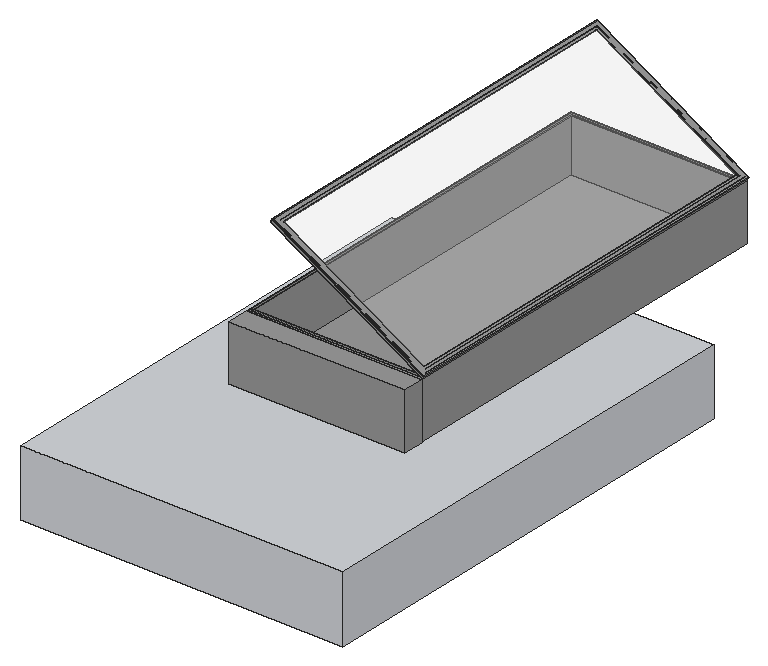
Revit family "Hager-Univers-IP55-D275-H1950-Cl.I-Steel_encl-CH-en", category Equipement électrique, Revit 2020
Family settings
  Hôte = Face
  Configuration du panneau = Deux colonnes, circuits au sein
  Cote de connecteur circulaire = Utiliser le diamètre
  Type d'élément = Tableau de raccordement
  Couper avec des vides une fois chargée = Non
  Partagée = Non
  Point de calcul de pièce = Non
Parameters (values of type "Floor installation IP55 W800 H1950 D275  - FR23K1")
  Width Control [instance] = if([EF000008 - Width] > Min Width, [EF000008 - Width], Min Width)  # 800 mm
  Commentaires du type = [HG000003 - Range]  # "Univers"
  Thickness Door [instance] = if([EF009171 - Material plate thickness door/cover] > 3 mm, 3 mm, [EF009171 - Material plate thickness door/cover])  # 1.5 mm
  Seal Frame Offset [instance] = 17 mm  # constant formula
  Plinth Visibility [instance] = [HG000027 - Plinth height] > 0 mm  # yes
  Model = ""
  Min Width [instance] = 100 mm  # constant formula
  Min Height [instance] = 100 mm  # constant formula
  Min Depth [instance] = (2 * [EF009170 - Material plate thickness cabinet]) + 1 mm  # 4 mm
  Internal Frame Depth [instance] = (Door System Depth * 0.5)  # 9 mm
  Height Control [instance] = if([EF000040 - Height] > Min Height, [EF000040 - Height], Min Height)  # 1950 mm
  HG000027 - Plinth height = 100 mm
  HG000026 - Floor standing = yes
  HG000024 - Bottom section height = 800 mm
  HG000023 - Double section enclosure = no
  HG000016 - Door 3d visibility [instance] = yes
  HG000015 - Clearance visibility [instance] = no
  HG000014 - Door on the right [instance] = yes
  HG000013 - Door on the left [instance] = not([HG000014 - Door on the right])  # no
  HG000012 - Door swing angle [instance] = 30.00°
  HG000010 - Asymmetric doors = no
  HG000009 - Double swing door = no
  HG000006 - Flush mounted = no
  HG000004 - Manufacturer reference = "FR23K1"
  HG000003 - Range = "Univers"
  HG000002 - With door or cover = yes
  Frame Offset Bottom [instance] = 10 mm  # constant formula
  Frame Offset [instance] = 15 mm  # constant formula
  EF015940 - Cover with overpressure release = no
  EF011959 - Degree of protection (NEMA) = ""
  EF009554 - Number of openings for flange plates = 6
  EF009212 - Cover model = "EV000116 - Closed"
  EF009171 - Material plate thickness door/cover = 1.5 mm
  EF009170 - Material plate thickness cabinet = 1.5 mm
  Fabricant = "Hager"  # constant formula
  EF008873 - Nominal current (In) = 800 A
  EF007800 - Suitable for lightning protection = no
  EF006306 - With lock = no
  EF006244 - Transparent cover/door = yes
  EF005474 - Degree of protection (IP) = "EV006420 - IP55"
  EF004464 - Type of door = "EV002646 - Single"
  EF004427 - Number of modules = 432
  EF004293 - Impact strength = "EV008784 - IK10"
  EF003532 - Suitable for outdoor use = no
  EF002950 - Width in number of modular spacings = 24
  EF001613 - Circuit integrity = "EV000494 - None"
  EF001596 - Material housing = "EV000179 - Steel"
  EF001131 - Internal depth = 275 mm
  EF001088 - Extension possible = yes
  EF000437 - Number of conduit inlets = 6
  EF000339 - Type of cover = "EV004216 - Door"
  EF000266 - Number of rows = 12
  EF000218 - Built-in depth = 0 mm
  EF000118 - With mounting plate = no
  EF000116 - RAL-number = "7035"
  EF000049 - Depth = 275 mm
  EF000040 - Height = 1950 mm
  EF000008 - Width = 800 mm
  EF000007 - Colour = "EV000270 - Grey"
  EF000003 - Mounting method = "EV012274 - Floor installation"
  Door System Leaf Tolerance [instance] = 1.5 mm  # constant formula
  Door System Depth [instance] = 18 mm  # constant formula
  Door Height [instance] = Height Control - [HG000027 - Plinth height]  # 1850 mm
  Depth Control [instance] = if([EF000049 - Depth] > Min Depth, [EF000049 - Depth], Min Depth)  # 275 mm
  Default Elevation = 0 mm
  Connector Offset [instance] = Height Control / 2  # 975 mm
  Bottom Top Plate Trim [instance] = 1.5 mm  # constant formula
  Plinth height Ctrl [instance] = if([HG000027 - Plinth height] > 0 mm, [HG000027 - Plinth height], 12 mm)  # 100 mm
Types (11, lengths in mm): name | Width Control | HG000010 - Asymmetric doors | HG000009 - Double swing door | HG000004 - Manufacturer reference | EF009554 - Number of openings for flange plates | EF006244 - Transparent cover/door | EF004464 - Type of door | EF004427 - Number of modules | EF000437 - Number of conduit inlets | EF000008 - Width
  Floor installation IP55 W1050 H1950 D275  - FR24E1 | 1050 | yes | yes | "FR24E1" | 8 | no | "EV003602 - Double" | 576 | 8 | 1050
  Floor installation IP55 W1050 H1950 D275  - FR24K1 | 1050 | yes | yes | "FR24K1" | 8 | yes | "EV003602 - Double" | 576 | 8 | 1050
  Floor installation IP55 W1300 H1950 D275  - FR25E1 | 1300 | yes | yes | "FR25E1" | 10 | no | "EV003602 - Double" | 720 | 10 | 1300
  Floor installation IP55 W1300 H1950 D275  - FR25K1 | 1300 | yes | yes | "FR25K1" | 10 | yes | "EV003602 - Double" | 720 | 10 | 1300
  Floor installation IP55 W1550 H1950 D275  - FR26E1 | 1550 | yes | yes | "FR26E1" | 12 | no | "EV003602 - Double" | 864 | 12 | 1550
  Floor installation IP55 W1550 H1950 D275  - FR26K1 | 1550 | yes | yes | "FR26K1" | 12 | yes | "EV003602 - Double" | 864 | 12 | 1550
  Floor installation IP55 W300 H1950 D275  - FR21E1 | 300 | no | no | "FR21E1" | 2 | no | "EV002646 - Single" | 144 | 2 | 300
  Floor installation IP55 W550 H1950 D275  - FR22E1 | 550 | no | no | "FR22E1" | 4 | no | "EV002646 - Single" | 288 | 4 | 550
  Floor installation IP55 W550 H1950 D275  - FR22K1 | 550 | no | no | "FR22K1" | 4 | yes | "EV002646 - Single" | 288 | 4 | 550
  Floor installation IP55 W800 H1950 D275  - FR23E1 | 800 | no | no | "FR23E1" | 6 | no | "EV002646 - Single" | 432 | 6 | 800
  Floor installation IP55 W800 H1950 D275  - FR23K1 | 800 | no | no | "FR23K1" | 6 | yes | "EV002646 - Single" | 432 | 6 | 800
Reference planes
  plane 1 "Center (Front/Back)": y = 0
  plane 2: z = 0
  plane 3 "Center (Left/Right)": x = 0
  plane 4: z = 275
  plane 5: y = 101.5
  plane 6: y = 1025
  plane 7: y = 100
  plane 8: y = 1950
  plane 9: z = 0
  plane 10: x = -385
  plane 11: x = 385
  plane 12: x = 383.5
  plane 13: x = -383.5
  plane 14: y = 1948.5
  plane 15: x = -383
  plane 16: x = -400
  plane 17: x = 383
  plane 18: x = 400
  plane 19: x = 398.5
  plane 20: x = -398.5
  plane 21: y = 111.5
  plane 22: y = 1950
  plane 23: y = 1933.5
  plane 24: z = 257
  plane 25: z = 1.5
  plane 26: z = 255.5
  plane 27: z = 273.5
Forms (mm)
  Extrusion 1, solid
    sketch origin (0, 0, 0) x (1, 0, 0) y (0, 1, 0)
      loop
        line (-702.964, 1305) -> (-702.964, -811.445) -> (766.763, -811.445) -> (766.763, 1305) -> (-702.964, 1305)
    from 0 to -304.8
  Extrusion 2, solid, material "Hager_Steel_RAL7035_Light_Grey", visible <- "Plinth Visibility", detail levels medium+fine
    sketch origin (0, 0, 0) x (1, 0, 0) y (0, 1, 0)
      loop
        line (-400, 0) -> (400, 0) -> (400, 100) -> (-400, 100) -> (-400, 0)
    from 0 to 257
  Extrusion 3, solid, material "Hager_Steel_RAL7035_Light_Grey", detail levels medium+fine
    sketch origin (0, 0, 0) x (1, 0, 0) y (0, 1, 0)
      loop
        line (-400, 100) -> (400, 100) -> (400, 1950) -> (-400, 1950) -> (-400, 100)
    from 0 to 257
  Extrusion 4, void
    sketch origin (0, 0, 0) x (1, 0, 0) y (0, 1, 0)
      loop
        line (-398.5, 101.5) -> (398.5, 101.5) -> (398.5, 1948.5) -> (-398.5, 1948.5) -> (-398.5, 101.5)
    from 1.5 to 255.5
  Extrusion 5, void
    sketch origin (-381.607, -4572, 257) x (0, -1, 0) y (-1, 0, 0)
      loop
        line (-4683.5, 1.893) -> (-6505.5, 1.893) -> (-6505.5, -765.107) -> (-4683.5, -765.107) -> (-4683.5, 1.893)
    from 0 to 1.5 <- "EF009170 - Material plate thickness cabinet"
  Extrusion 6, solid, material "Hager_Steel_RAL7035_Light_Grey", detail levels fine
    sketch origin (0, 0, 257) x (1, 0, 0) y (0, 1, 0)
      loop
        line (-383.5, 1933.5) -> (-383.5, 111.5) -> (383.5, 111.5) -> (383.5, 1933.5) -> (-383.5, 1933.5)
      loop
        line (-385, 110) -> (385, 110) -> (385, 1935) -> (-385, 1935) -> (-385, 110)
    from 0 to 9 <- "Internal Frame Depth"
  Extrusion 7, solid, material "Hager_Steel_RAL7035_Light_Grey", detail levels coarse
    sketch origin (0, 0, 0) x (1, 0, 0) y (0, 1, 0)
      loop
        line (-400, 0) -> (400, 0) -> (400, 1950) -> (-400, 1950) -> (-400, 0)
    from 0 to 275
  Sweep 8, void
    path in 3D
      loop
        line (-400, 100, 0) -> (400, 100, 0) -> (400, 100, 257) -> (-400, 100, 257) -> (-400, 100, 0)
    profile origin (-400, 100, 128.5) x (-1, 0, 0) y (0, -1, 0)
      loop
        line (0, 0) -> (0, 1.5) -> (-1.5, 1.5)
        arc (-1.5, 1.5) -> (-1.061, 0.439) -> (0, 0) r 1.5
Cuts and joins
  Extrusion 4, Extrusion 5 cuts Extrusion 3
  Sweep 8 cuts Extrusion 2
Lines and regions (mm)
  Masking region 1
    outline origin (0, 0, 0) x (1, 0, 0) y (0, 0, 1)
      loop
        line (-400, 275) -> (-400, 0) -> (400, 0) -> (400, 275) -> (-400, 275)
  Masking region 2, detail levels medium+fine
    outline origin (0, 140, 0) x (0, 1, 0) y (0, 0, 1)
      loop
        line (-40, 0) -> (1810, 0) -> (1810, 257) -> (-40, 257) -> (-40, 0)
  Masking region 3, not visible, detail levels medium+fine
    outline origin (0, 297.922, 0) x (0, 1, 0) y (0, 0, 1)
      loop
        line (738.578, 0) -> (778.578, 0) -> (778.578, 263.5)
        arc (778.578, 263.5) -> (775.649, 270.571) -> (768.578, 273.5) r 10
        line (768.578, 273.5) -> (738.578, 273.5) -> (738.578, 0)
  Masking region 4, detail levels coarse
    outline origin (0, 0, 180) x (0, 1, 0) y (0, 0, 1)
      loop
        line (0, -180) -> (1950, -180) -> (1950, 95) -> (0, 95) -> (0, -180)
  Masking region 5, visible <- "Plinth Visibility", detail levels medium+fine
    outline origin (0, 52.24, 12.345) x (0, 0, -1) y (0, 1, 0)
      loop
        line (10.845, 47.76) -> (-243.155, 47.76)
        arc (-243.155, 47.76) -> (-243.594, 46.699) -> (-244.655, 46.26) r 1.5
        line (-244.655, 46.26) -> (-244.655, -52.24) -> (12.345, -52.24) -> (12.345, 46.26)
        arc (12.345, 46.26) -> (11.285, 46.699) -> (10.845, 47.76) r 1.5
  Masking region 6, detail levels medium+fine
    outline origin (-381.607, -4572, 257) x (-1, 0, 0) y (0, -1, 0)
      loop
        line (18.393, -6522) -> (18.393, -4672) -> (-781.607, -4672) -> (-781.607, -6522) -> (18.393, -6522)
  Masking region 7, visible <- "Plinth Visibility", detail levels medium+fine
    outline origin (-381.607, -4727, 257) x (-1, 0, 0) y (0, -1, 0)
      loop
        arc (16.893, -4827) -> (17.332, -4825.939) -> (18.393, -4825.5) r 1.5
        line (18.393, -4825.5) -> (18.393, -4727) -> (-781.607, -4727) -> (-781.607, -4825.5)
        arc (-781.607, -4825.5) -> (-780.546, -4825.939) -> (-780.107, -4827) r 1.5
        line (-780.107, -4827) -> (16.893, -4827)
  Masking region 8, detail levels coarse
    outline origin (-442.548, -4669.526, 257) x (-1, 0, 0) y (0, -1, 0)
      loop
        line (-42.548, -6619.526) -> (-42.548, -4669.526) -> (-842.548, -4669.526) -> (-842.548, -6619.526) -> (-42.548, -6619.526)
  sketch lines
    curve 1: line (-400, 100, 257) -> (-400, 100, 0)
    curve 2: line (400, 100, 257) -> (-400, 100, 257)
    curve 3: line (400, 100, 257) -> (400, 100, 0)
    curve 4: line (-400, 100, 0) -> (400, 100, 0)
Dimensions and locks
  "Depth Control": plane 4 to Extrusion 1
  "HG000027 - Plinth height": plane 1 "Center (Front/Back)" to plane 7
  "EF009170 - Material plate thickness cabinet": plane 5 to plane 7
  locked: connector elem to plane 3 "Center (Left/Right)"
  equal spacing: plane 8, plane 6, plane 7
  locked: connector elem to plane 6
  "EF009170 - Material plate thickness cabinet": plane 8 to plane 14
  "EF009170 - Material plate thickness cabinet": plane 10 to plane 13
  "EF009170 - Material plate thickness cabinet": plane 12 to plane 11
  "Frame Offset": plane 20 to plane 13
  "Frame Offset": plane 12 to plane 19
  "EF009170 - Material plate thickness cabinet": plane 16 to plane 20
  "EF009170 - Material plate thickness cabinet": plane 19 to plane 18
  "Seal Frame Offset": plane 16 to plane 15
  "Seal Frame Offset": plane 17 to plane 18
  "Frame Offset Bottom": plane 21 to plane 5
  "Frame Offset": plane 14 to plane 23
  equal spacing: plane 16, plane 3 "Center (Left/Right)", plane 18
  "Width Control": plane 16 to plane 18
  "EF009170 - Material plate thickness cabinet": plane 4 to plane 27
  "EF009170 - Material plate thickness cabinet": plane 24 to plane 26
  "EF009170 - Material plate thickness cabinet": plane 25 to level
  "Door System Depth": plane 4 to plane 24
  "Height Control": plane 1 "Center (Front/Back)" to Extrusion 7 sketch curve
  "Height Control": Masking region 4 sketch curve to plane 1 "Center (Front/Back)"
  "Height Control": plane 1 "Center (Front/Back)" to plane 22
  "Bottom Top Plate Trim": profile plane to Sweep 8 sketch curve
  "Bottom Top Plate Trim": Sweep 8 sketch curve to profile plane
  "Plinth height Ctrl": plane 1 "Center (Front/Back)" to Extrusion 2 sketch curve
  "Plinth height Ctrl": Masking region 5 sketch curve to plane 1 "Center (Front/Back)"
  "Plinth height Ctrl": plane 1 "Center (Front/Back)" to Masking region 7 sketch curve
  "Thickness Door": Extrusion 6 sketch curve to Extrusion 6 sketch curve  (x3)
  "Thickness Door": cut or joined group of Extrusion 3, Extrusion 4, Extrusion 5 to Extrusion 6 sketch curve
  radius of Masking region 3 sketch curve = 10 mm
  "Bottom Top Plate Trim": radius of Masking region 5 sketch curve  (x2)
  "Bottom Top Plate Trim": radius of Sweep 8 sketch curve
  "Bottom Top Plate Trim": radius of Masking region 7 sketch curve  (x2)
  aligned and locked: plane 2 to Extrusion 1
  aligned and locked: level to Extrusion 1
  aligned and locked: level to Masking region 1 sketch curve
  aligned and locked: Masking region 1 sketch curve to plane 18
  aligned and locked: Masking region 1 sketch curve to plane 16
  aligned and locked: plane 7 to Masking region 2 sketch curve
  aligned and locked: level to Masking region 3 sketch curve
  aligned and locked: Masking region 3 sketch curve to plane 27
  aligned and locked: level to Masking region 2 sketch curve
  aligned and locked: plane 1 "Center (Front/Back)" to Extrusion 2 sketch curve
  aligned and locked: Extrusion 3 sketch curve to plane 7
  aligned and locked: plane 16 to Extrusion 3 sketch curve
  aligned and locked: plane 18 to Extrusion 3 sketch curve
  aligned and locked: plane 20 to Extrusion 4 sketch curve
  aligned and locked: plane 19 to Extrusion 4 sketch curve
  aligned and locked: Extrusion 4 sketch curve to plane 5
  aligned and locked: Extrusion 4 to plane 25
  aligned and locked: plane 26 to Extrusion 4
  aligned and locked: plane 24 to Extrusion 3
  aligned and locked: Extrusion 5 sketch curve to plane 21
  aligned and locked: Extrusion 5 sketch curve to plane 13
  aligned and locked: Extrusion 5 sketch curve to plane 12
  aligned and locked: plane 18 to Extrusion 7 sketch curve
  aligned and locked: plane 1 "Center (Front/Back)" to Extrusion 7 sketch curve
  aligned and locked: plane 16 to Extrusion 7 sketch curve
  aligned and locked: plane 4 to Extrusion 7
  aligned and locked: Extrusion 7 to level
  aligned and locked: level to Masking region 4 sketch curve
  aligned and locked: Masking region 4 sketch curve to plane 1 "Center (Front/Back)"
  aligned and locked: Masking region 4 sketch curve to plane 4
  aligned and locked: nested 1 to level
  aligned and locked: nested 1 to plane 16
  aligned and locked: plane 8 to Extrusion 3 sketch curve
  aligned and locked: plane 23 to Extrusion 5 sketch curve
  aligned and locked: plane 14 to Extrusion 4 sketch curve
  aligned and locked: Masking region 2 sketch curve to plane 8
  aligned and locked: level to Masking region 5 sketch curve
  aligned and locked: plane 16 to Extrusion 2 sketch curve
  aligned and locked: plane 18 to Extrusion 2 sketch curve
  aligned and locked: Masking region 5 sketch curve to plane 24
  aligned and locked: Masking region 2 sketch curve to plane 24
  aligned and locked: plane 24 to Extrusion 2
  aligned and locked: profile plane to Sweep 8 sketch curve  (x2)
  aligned and locked: Masking region 6 sketch curve to plane 18
  aligned and locked: Masking region 6 sketch curve to plane 22
  aligned and locked: Masking region 6 sketch curve to plane 16
  aligned and locked: plane 8 to plane 22
  aligned and locked: Masking region 6 sketch curve to plane 7
  aligned and locked: Masking region 7 sketch curve to plane 16
  aligned and locked: Masking region 7 sketch curve to plane 1 "Center (Front/Back)"
  aligned and locked: Masking region 7 sketch curve to plane 18
  aligned and locked: Masking region 8 sketch curve to plane 1 "Center (Front/Back)"
  aligned and locked: Masking region 8 sketch curve to plane 18
  aligned and locked: Masking region 8 sketch curve to plane 22
  aligned and locked: Masking region 8 sketch curve to plane 16
  aligned and locked: nested 2 to plane 7
  aligned and locked: plane 3 "Center (Left/Right)" to nested 2
  aligned and locked: nested 2 to plane 24
  aligned and locked: Extrusion 6 sketch curve to cut or joined group of Extrusion 3, Extrusion 4, Extrusion 5  (x4)
Automatic sketch dimensions
  Extrusion 1 sketch curve to Extrusion 1 sketch curve = 1469.727 mm
  Extrusion 1 sketch curve to Extrusion 1 sketch curve = 2116.445 mm
  Masking region 1 sketch curve to plane 4 = 0 mm
  plane 6 to Masking region 3 sketch curve = 11.5 mm
  Masking region 3 sketch curve to Masking region 3 sketch curve = 30 mm
  Masking region 5 sketch curve to plane 1 "Center (Front/Back)" = 0 mm
Nested families
  nested 1: "Hager_Enclosure_Symbol" at (-400, 0, 0) x (1, 0, 0) z (0, -1, 0), Height <- "Depth Control", Width <- "Width Control", type "Hager_Enclosure_Symbol"
    with Width_Ctrl 800 mm, Width 800 mm, Height_Ctrl 275 mm, Height 275 mm, A_Width_Int 18.047 mm, A_Width 216.562 mm, A_Height_Ctrl 240.625 mm, A_Height 240.625 mm
  nested 2: "EC000058_Univers_Door" at (0, 100, 257) x (1, 0, 0) z (0, 1, 0), Leaf_Tolerance <- "Door System Leaf Tolerance", Angle <- "HG000012 - Door swing angle", Door_Depth <- "Door System Depth", Door_Left <- "HG000013 - Door on the left", Transparent <- "EF006244 - Transparent cover/door", Assymetrical <- "HG000010 - Asymmetric doors", Width <- "Width Control", Clearance <- "HG000015 - Clearance visibility", Double <- "HG000009 - Double swing door", 3d_Door <- "HG000016 - Door 3d visibility", Lock_Visibility <- "EF006306 - With lock", Width_Ctrl <- "Width Control", Door_Right <- "HG000014 - Door on the right", Door <- "HG000002 - With door or cover", Height <- "Door Height", Thickness <- "Thickness Door", type "EC000058_Univers_Door", detail levels medium+fine
    with min_wh 4 mm, Width_Ctrl 800 mm, Width 800 mm, Transparent yes, Thickness 1.5 mm, Seal_Material Hager_Rubber, Lock_Visibility no, Lock_Material Hager_Plastic_RAL9005_Jet_Black, Leaf_Width 800 mm, Leaf_Tolerance_External_Sides 0 mm, Leaf_Tolerance 1.5 mm, Leaf_Offset 0 mm, Leaf_Height 1847 mm, Leaf_2_Width 800 mm, Leaf_2_Offset 400 mm, Leaf_1_Width 800 mm, Leaf_1_Offset 400 mm, Height_Ctrl 1850 mm, Height 1850 mm, Glass_Material Hager_Glass, Double_Clearance_Ctrl no, Double no, Door_Right_Ctrl yes, Door_Right yes, Door_Material Hager_Steel_RAL7035_Light_Grey, Door_Left_Ctrl no, Door_Left no, Door_Depth 18 mm, Door yes, Clearance_Material Hager_Clearance, Clearance_Depth 800 mm, Clearance_Ctrl no, Clearance no, Assymetrical no, Angle 30.00°, 3d_Door yes
Connectors
  electrical at (0, 1025, 0)
    settings: on plane 9, index 1, voltage 0 V, apparent load 0 VA, apparent load phase1 0 VA, apparent load phase2 0 VA, apparent load phase3 0 VA, power factor 1, load classification "Other", number of poles 1, system type 30, power factor state 1, is connector primary yes, connector utility no, sub classification motor no, connector description ""
Definition of nested family "EC000058_Univers_Door"
  Parameters (values of type "EC000058_Univers_Door")
    min_wh [instance] = (2 * Thickness) + 1 mm  # 11 mm
    Width_Ctrl [instance] = 400 mm
    Width [instance] = 500 mm
    Transparent [instance] = yes
    Thickness [instance] = 5 mm
    Seal_Material [instance] = none
    Lock_Visibility [instance] = yes
    Lock_Material [instance] = none
    Leaf_Width [instance] = if((Width_Ctrl - 2 * Leaf_Tolerance_External_Sides) > 0 mm, (Width_Ctrl - 2 * Leaf_Tolerance_External_Sides), min_wh)  # 400 mm
    Leaf_Tolerance_External_Sides [instance] = 0 mm  # constant formula
    Leaf_Tolerance [instance] = 1.5 mm
    Leaf_Offset [instance] = 0 mm  # constant formula
    Leaf_Height [instance] = if((Height_Ctrl - 2 * Leaf_Tolerance) > 0 mm, (Height_Ctrl - 2 * Leaf_Tolerance), min_wh)  # 497 mm
    Leaf_2_Width [instance] = if(and(and(Double, Assymetrical), Door_Left), (Leaf_Width / 3) - (Leaf_Tolerance / 2), if(and(and(Double, Assymetrical), Door_Right), (Leaf_Width / 3) * 2 - (Leaf_Tolerance / 2), if(and(Double, not(Assymetrical)), (Leaf_Width / 2) - Leaf_Tolerance, Leaf_Width)))  # 400 mm
    Leaf_2_Offset [instance] = if(and(Double, Assymetrical), Leaf_2_Width / 2, if(and(Double, not(Assymetrical)), Leaf_Width / 4, Leaf_Width / 2))  # 200 mm
    Leaf_1_Width [instance] = if(and(and(Double, Assymetrical), Door_Right), (Leaf_Width / 3) - (Leaf_Tolerance / 2), if(and(and(Double, Assymetrical), Door_Left), (Width / 3) * 2 - (Leaf_Tolerance / 2), if(and(Double, not(Assymetrical)), (Leaf_Width / 2) - Leaf_Tolerance, Leaf_Width)))  # 400 mm
    Leaf_1_Offset [instance] = if(and(Double, Assymetrical), Leaf_1_Width / 2, if(and(Double, not(Assymetrical)), Leaf_Width / 4, Leaf_Width / 2))  # 200 mm
    Height_Ctrl [instance] = if(Height > min_wh, Height, min_wh)  # 500 mm
    Height [instance] = 500 mm
    Glass_Material [instance] = none
    Double_Clearance_Ctrl [instance] = and(Double, Clearance)  # no
    Double [instance] = no
    Door_Right_Ctrl [instance] = and(or(Door_Right, Double), Door)  # yes
    Door_Right [instance] = yes
    Door_Material [instance] = none
    Door_Left_Ctrl [instance] = and(or(Door_Left, Double), Door)  # no
    Door_Left [instance] = no
    Door_Depth [instance] = 30 mm
    Door [instance] = yes
    Default Elevation = 1219.2 mm
    Clearance_Material [instance] = none
    Clearance_Depth [instance] = if(Leaf_1_Width > Leaf_2_Width, Leaf_1_Width, Leaf_2_Width)  # 400 mm
    Clearance_Ctrl [instance] = and(not(Double), Clearance)  # yes
    Clearance [instance] = yes
    Assymetrical [instance] = yes
    Angle [instance] = 30.00°
    3d_Door [instance] = yes
  Reference planes
    plane 1 "Center (Front/Back)": y = 0
    plane 2 "Bottom": z = 0
    plane 3 "Center (Left/Right)": x = 0
    plane 4: z = 500
    plane 5: x = -200
    plane 6: x = 200
    plane 7: z = 500
    plane 8: x = -200
    plane 9: z = 0
    plane 10: x = 200
    plane 11: y = 0
    plane 12: z = 1.5
    plane 13: x = -600
    plane 14: y = -400
    plane 15: x = 600
    plane 16: x = 0
    plane 17: x = 0
    plane 18: x = -200
    plane 19: x = 200
    plane 20: z = 498.5
  Forms (mm)
    Extrusion 1, solid, material <- "Clearance_Material", visible <- "Double_Clearance_Ctrl"
      sketch origin (1200, 0, 0) x (1, 0, 0) y (0, 0, -1)
        loop
          line (-1800, -498.5) -> (-600, -498.5) -> (-600, 0) -> (-1800, 0) -> (-1800, -498.5)
      from 0 to -400
  Dimensions and locks
    equal spacing: plane 5, plane 3 "Center (Left/Right)", plane 6
    "Width_Ctrl": plane 5 to plane 6
    "Leaf_Offset": plane 5 to plane 8
    "Leaf_Offset": plane 6 to plane 10
    "Leaf_Offset": plane 9 to level
    "Leaf_Offset": plane 4 to plane 7
    "Height_Ctrl": plane 4 to level
    "Leaf_Tolerance": plane 12 to plane 9
    locked: plane 11 to plane 1 "Center (Front/Back)"
    "Leaf_1_Offset": plane 18 to plane 16
    "Leaf_2_Offset": plane 17 to plane 19
    "Leaf_1_Width": plane 13 to plane 8
    "Leaf_2_Width": plane 10 to plane 15
    "Clearance_Depth": plane 14 to plane 1 "Center (Front/Back)"
    "Leaf_Tolerance_External_Sides": plane 8 to plane 18
    "Leaf_Tolerance_External_Sides": plane 19 to plane 10
    "Leaf_Tolerance": plane 7 to plane 20
    aligned and locked: level to plane 2 "Bottom"
    aligned and locked: nested 1 to plane 16
    aligned and locked: nested 2 to plane 17
    aligned and locked: Extrusion 1 to plane 13
    aligned and locked: plane 15 to Extrusion 1
    aligned and locked: Extrusion 1 to plane 14
    aligned and locked: plane 12 to nested 1
    aligned and locked: nested 2 to plane 12
    aligned and locked: Extrusion 1 to plane 11
    aligned and locked: plane 20 to Extrusion 1
    aligned and locked: nested 2 to plane 11
    aligned and locked: nested 1 to plane 11
  Automatic sketch dimensions
    Extrusion 1 sketch curve to level = 0 mm
    plane 5 to Extrusion 1 sketch curve = 400 mm
    plane 6 to Extrusion 1 sketch curve = 400 mm
    Extrusion 1 sketch curve to plane 4 = 1.5 mm
  Nested families
    nested 1: "EC000058_Univers_Door_Leaf" at (0, 0, 1.5), Width <- "Leaf_1_Width", visible <- "Door_Left_Ctrl", Leaf_Height <- "Leaf_Height", Angle <- "Angle", 3d_Door <- "3d_Door", Transparent <- "Transparent", Clearance Material <- "Clearance_Material", Clearance <- "Clearance_Ctrl", Door_Material <- "Door_Material", Glass_Material <- "Glass_Material", Door_Depth <- "Door_Depth", Lock_Material <- "Lock_Material", Seal_Material <- "Seal_Material", Lock_Visibility <- "Lock_Visibility", Thickness <- "Thickness", type "EC000058_Univers_Door_Leaf"
      with Width 400 mm, Transparent_Glass_Offset 30 mm, Transparent_Ctrl yes, Transparent yes, Thickness 5 mm, Standard no, Seal_Material none, Seal_D2 8 mm, Seal_D1 1 mm, Offset_Internal_Frame 10 mm, Lock_Width 20 mm, Lock_Visibility_3d yes, Lock_Visibility yes, Lock_Thickness_3 3 mm, Lock_Thickness_2 1 mm, Lock_Thickness_1 3 mm, Lock_Radius_Offset_2 16 mm, Lock_Radius_Offset_1 15 mm, Lock_Radius_2 5 mm, Lock_Radius 6 mm, Lock_Offset 5 mm, Lock_Material none, Lock_Height 80 mm, Lock_Cover_Top_Offset_2d 17 mm, Lock_Cover_Height -65 mm, Leaf_Height 497 mm, Internal_Seal_Thickness 8 mm, Internal_Seal_Depth_2 4.5 mm, Internal_Frame_Depth 25 mm, Glass_Thickness -1 mm, Glass_Offset -2 mm, Glass_Material none, Door_Material none, Door_Depth 30 mm, Clearance Material none, Clearance yes, Angle_Ctrl 30.00°, Angle 30.00°, 3d_Door yes
    nested 2: "EC000058_Univers_Door_Leaf" at (0, 0, 1.5) x (-1, 0, 0) z (0, 0, 1), Width <- "Leaf_2_Width", visible <- "Door_Right_Ctrl", Leaf_Height <- "Leaf_Height", Angle <- "Angle", 3d_Door <- "3d_Door", Transparent <- "Transparent", Clearance Material <- "Clearance_Material", Clearance <- "Clearance_Ctrl", Door_Material <- "Door_Material", Glass_Material <- "Glass_Material", Door_Depth <- "Door_Depth", Lock_Material <- "Lock_Material", Seal_Material <- "Seal_Material", Lock_Visibility <- "Lock_Visibility", Thickness <- "Thickness", type "EC000058_Univers_Door_Leaf"
      with Width 400 mm, Transparent_Glass_Offset 30 mm, Transparent_Ctrl yes, Transparent yes, Thickness 5 mm, Standard no, Seal_Material none, Seal_D2 8 mm, Seal_D1 1 mm, Offset_Internal_Frame 10 mm, Lock_Width 20 mm, Lock_Visibility_3d yes, Lock_Visibility yes, Lock_Thickness_3 3 mm, Lock_Thickness_2 1 mm, Lock_Thickness_1 3 mm, Lock_Radius_Offset_2 16 mm, Lock_Radius_Offset_1 15 mm, Lock_Radius_2 5 mm, Lock_Radius 6 mm, Lock_Offset 5 mm, Lock_Material none, Lock_Height 80 mm, Lock_Cover_Top_Offset_2d 17 mm, Lock_Cover_Height -65 mm, Leaf_Height 497 mm, Internal_Seal_Thickness 8 mm, Internal_Seal_Depth_2 4.5 mm, Internal_Frame_Depth 25 mm, Glass_Thickness -1 mm, Glass_Offset -2 mm, Glass_Material none, Door_Material none, Door_Depth 30 mm, Clearance Material none, Clearance yes, Angle_Ctrl 30.00°, Angle 30.00°, 3d_Door yes
  Definition of nested family "EC000058_Univers_Door_Leaf"
    Parameters (values of type "EC000058_Univers_Door_Leaf")
      Width [instance] = 2000 mm
      Transparent_Glass_Offset [instance] = 30 mm
      Transparent_Ctrl [instance] = and(Transparent, [3d_Door])  # yes
      Transparent [instance] = yes
      Thickness [instance] = 5 mm
      Standard [instance] = and(not(Transparent), [3d_Door])  # no
      Seal_Material [instance] = none
      Seal_D2 [instance] = 8 mm  # constant formula
      Seal_D1 [instance] = 1 mm  # constant formula
      Offset_Internal_Frame [instance] = 10 mm  # constant formula
      Lock_Width [instance] = 20 mm  # constant formula
      Lock_Visibility_3d [instance] = and(Lock_Visibility, [3d_Door])  # yes
      Lock_Visibility [instance] = yes
      Lock_Thickness_3 [instance] = 3 mm  # constant formula
      Lock_Thickness_2 [instance] = 1 mm  # constant formula
      Lock_Thickness_1 [instance] = 3 mm  # constant formula
      Lock_Radius_Offset_2 [instance] = Lock_Radius_Offset_1 + 1 mm  # 16 mm
      Lock_Radius_Offset_1 [instance] = 15 mm  # constant formula
      Lock_Radius_2 [instance] = Lock_Radius - 1 mm  # 5 mm
      Lock_Radius [instance] = 6 mm  # constant formula
      Lock_Offset [instance] = 5 mm  # constant formula
      Lock_Material [instance] = none
      Lock_Height [instance] = 80 mm  # constant formula
      Lock_Cover_Top_Offset_2d [instance] = Lock_Radius_Offset_2 + 1 mm  # 17 mm
      Lock_Cover_Height [instance] = -(Lock_Height - Lock_Radius_Offset_1)  # -65 mm
      Leaf_Height [instance] = 2720.336 mm
      Internal_Seal_Thickness [instance] = 8 mm  # constant formula
      Internal_Seal_Depth_2 [instance] = 4.5 mm  # constant formula
      Internal_Frame_Depth [instance] = if(Door_Depth - Thickness > 5 mm, Door_Depth - Thickness, 5 mm)  # 25 mm
      Glass_Thickness [instance] = if(Thickness > 15 mm, Glass_Offset + 10 mm, -1 mm)  # -1 mm
      Glass_Offset [instance] = if(Thickness > 15 mm, -(Thickness + 10 mm) / 2, -2 mm)  # -2 mm
      Glass_Material [instance] = none
      Door_Material [instance] = none
      Door_Depth [instance] = 30 mm
      Default Elevation = 0 mm
      Clearance Material [instance] = none
      Clearance [instance] = yes
      Angle_Ctrl [instance] = if(Angle > 180.00°, 180.00°, Angle)  # 90.00°
      Angle [instance] = 90.00°
      3d_Door [instance] = yes
    Reference planes
      plane 1 "Center (Front/Back)": y = 0
      plane 2: z = 0
      plane 3 "Center (Left/Right)": x = 0
      plane 4: y = 2000
      plane 5: x = -1000
      plane 6: x = 1000
      plane 7: x = -3000
      plane 8: z = 2720.336
      plane 9: z = 30
      plane 10: z = 2690.336
      plane 11: x = 970
      plane 12: x = -970
      plane 13: y = -3
      plane 14: z = 107.833
      plane 15: y = -5
      plane 16: y = -223.314
      plane 17: x = -1000
      plane 18: z = 1360.168
      plane 19: y = 30
    Forms (mm)
      Extrusion 1, solid, material <- "Clearance Material", visible <- "Clearance"
        sketch origin (0, 0, 0) x (1, 0, 0) y (0, 0, 1)
          loop
            line (-3000, 2720.336) -> (-3000, 0) -> (1000, 0) -> (1000, 2720.336) -> (-3000, 2720.336)
        from 0 to -2000
      Extrusion 2, solid, material <- "Door_Material", visible <- "Standard", detail levels medium+fine
        sketch origin (-1000, 0, 0) x (0, 1, 0) y (-1, 0, 0)
          loop
            line (0, 30) -> (0, 25) -> (2000, 25) -> (2000, 30) -> (0, 30)
        from 0 to 2720.336 <- "Leaf_Height"
      Extrusion 3, solid, material <- "Door_Material", visible <- "Transparent_Ctrl", detail levels medium+fine
        sketch origin (-1000, 0, 0) x (0, 1, 0) y (-1, 0, 0)
          loop
            line (0, 25) -> (2000, 25) -> (2000, 30) -> (0, 30) -> (0, 25)
        from 0 to 2720.336 <- "Leaf_Height"
      Extrusion 4, void
        sketch origin (-1025, 2000, 0) x (0, 1, 0) y (0, 0, -1)
          loop
            line (-30, -2690.336) -> (-30, -30) -> (-1970, -30) -> (-1970, -2690.336) -> (-30, -2690.336)
        from 0 to 5 <- "Thickness"
      Sweep 5, solid, material <- "Seal_Material", visible <- "Transparent_Ctrl", detail levels fine
        path in 3D
          loop
            line (-1025, 30, 30) -> (-1025, 30, 2690.336) -> (-1025, 1970, 2690.336) -> (-1025, 1970, 30) -> (-1025, 30, 30)
        profile origin (-1025, 1000, 30) x (1, 0, 0) y (0, 0, 1)
          loop
            line (0, 0) -> (0, -8) -> (1, -8) -> (1, 0) -> (0, 0)
      Extrusion 6, solid, material <- "Glass_Material", visible <- "Transparent_Ctrl", detail levels medium+fine
        sketch origin (-1030, 0, 0) x (0, 1, 0) y (0, 0, -1)
          loop
            line (1970, -2690.336) -> (1970, -30) -> (30, -30) -> (30, -2690.336) -> (1970, -2690.336)
        from -2 <- "Glass_Offset" to -1 <- "Glass_Thickness"
      Extrusion 7, solid, material <- "Door_Material", visible <- "3d_Door", detail levels medium+fine
        sketch origin (-1025, 2000, 0) x (0, -1, 0) y (0, 0, -1)
          loop
            line (0, -2720.336) -> (2000, -2720.336) -> (2000, 0) -> (0, 0) -> (0, -2720.336)
          loop
            line (1995, -5) -> (5, -5) -> (5, -2715.336) -> (1995, -2715.336) -> (1995, -5)
        from 0 to 25 <- "Internal_Frame_Depth"
      Sweep 8, solid, material <- "Seal_Material", visible <- "Transparent_Ctrl", detail levels fine
        path in 3D
          loop
            line (-1025, 0, 0) -> (-1025, 2000, 0) -> (-1025, 2000, 2720.336) -> (-1025, 0, 2720.336) -> (-1025, 0, 0)
        profile origin (-1025, 0, 1360.168) x (1, 0, 0) y (0, 1, 0)
          loop
            line (0, 10) -> (2.975, 10)
            arc (2.975, 10) -> (4.053, 10.447) -> (4.5, 11.525) r 1.525
            line (4.5, 11.525) -> (4.5, 16.527)
            arc (4.5, 16.527) -> (4.069, 17.569) -> (3.027, 18) r 1.473
            line (3.027, 18) -> (0, 18) -> (0, 10)
      Extrusion 9, solid, material <- "Lock_Material", visible <- "Lock_Visibility_3d", detail levels fine
        sketch origin (-1030, 0, 0) x (0, 1, 0) y (0, 0, -1)
          loop
            arc (1993.5, -1400.168) -> (1994.561, -1399.729) -> (1995, -1398.668) r 1.5
            line (1995, -1398.668) -> (1995, -1320.168) -> (1975, -1320.168) -> (1975, -1398.668)
            arc (1975, -1398.668) -> (1975.439, -1399.729) -> (1976.5, -1400.168) r 1.5
            line (1976.5, -1400.168) -> (1993.5, -1400.168)
        from 3 <- "Lock_Thickness_1" to 0
      Blend 10, solid, material <- "Lock_Material", visible <- "Lock_Visibility_3d", detail levels fine
        base sketch origin (-1033, 0, 0) x (0, 1, 0) y (0, 0, -1)
          loop
            line (1975, -1320.168) -> (1975, -1398.668)
            arc (1975, -1398.668) -> (1975.439, -1399.729) -> (1976.5, -1400.168) r 1.5
            line (1976.5, -1400.168) -> (1993.5, -1400.168)
            arc (1993.5, -1400.168) -> (1994.561, -1399.729) -> (1995, -1398.668) r 1.5
            line (1995, -1398.668) -> (1995, -1320.168) -> (1975, -1320.168)
        top sketch origin (-1033, 0, 0) x (0, 1, 0) y (0, 0, -1)
          loop
            line (1976, -1320.168) -> (1976, -1398.668)
            arc (1976, -1398.668) -> (1976.146, -1399.022) -> (1976.5, -1399.168) r 0.5
            line (1976.5, -1399.168) -> (1993.5, -1399.168)
            arc (1993.5, -1399.168) -> (1993.854, -1399.022) -> (1994, -1398.668) r 0.5
            line (1994, -1398.668) -> (1994, -1320.168) -> (1976, -1320.168)
        from 0 to 1 <- "Lock_Thickness_2"
      Blend 11, solid, material <- "Lock_Material", visible <- "Lock_Visibility_3d", detail levels fine
        base sketch origin (-1034, 0, 0) x (0, 1, 0) y (0, 0, -1)
          loop
            line (1978, -1320.168) -> (1978, -1384.168)
            arc (1978, -1384.168) -> (1985, -1391.168) -> (1992, -1384.168) r 7
            line (1992, -1384.168) -> (1992, -1320.168) -> (1978, -1320.168)
        top sketch origin (-1034, 0, 0) x (0, 1, 0) y (0, 0, -1)
          loop
            line (1991, -1320.168) -> (1979, -1320.168) -> (1979, -1383.168)
            arc (1979, -1383.168) -> (1985, -1389.168) -> (1991, -1383.168) r 6
            line (1991, -1383.168) -> (1991, -1320.168)
        from 0 to 3 <- "Lock_Thickness_3"
      Extrusion 12, solid, material <- "Lock_Material", visible <- "Lock_Visibility_3d", detail levels fine
        sketch origin (-1030, 1975, 1320.168) x (1, 0, 0) y (0, -1, 0)
          loop
            line (-7, -19) -> (-7, -1) -> (0, -1) -> (0, 0) -> (-8, 0) -> (-8, -20) -> (0, -20) -> (0, -19) -> (-7, -19)
        from 0 to -65 <- "Lock_Cover_Height"
      Extrusion 13, void
        sketch origin (-1038, 1995, 1320.168) x (-1, 0, 0) y (0, 0, -1)
          loop
            line (-5, -65) -> (0, -65) -> (-5, -60) -> (-5, -65)
        from 0 to 20 <- "Lock_Width"
      Extrusion 14, void
        sketch origin (-1038, 1975, 1320.168) x (0, -1, 0) y (0, 0, -1)
          loop
            circle (-10, -15.995) r 6
          loop
            circle (-10, -15.995) r 5
        from 0 to 2
      Extrusion 15, solid, material <- "Lock_Material", visible <- "Lock_Visibility_3d", detail levels medium
        sketch origin (-1030, 0, 0) x (0, 1, 0) y (0, 0, -1)
          loop
            arc (1993.5, -1400.168) -> (1994.561, -1399.729) -> (1995, -1398.668) r 1.5
            line (1995, -1398.668) -> (1995, -1320.168) -> (1975, -1320.168) -> (1975, -1398.668)
            arc (1975, -1398.668) -> (1975.439, -1399.729) -> (1976.5, -1400.168) r 1.5
            line (1976.5, -1400.168) -> (1993.5, -1400.168)
        from 8 to 0
    Cuts and joins
      Extrusion 4 cuts Extrusion 3
      Extrusion 13, Extrusion 14 cuts Extrusion 9
      Extrusion 14 cuts Blend 11
      Extrusion 13, Extrusion 14 cuts Extrusion 12
      joined: Extrusion 9, Blend 10, Blend 11, Extrusion 12
      Extrusion 14 cuts Extrusion 15
    Lines and regions (mm)
      Masking region 1, visible <- "Lock_Visibility", detail levels fine
        outline origin (0, 0, 0) x (0, 1, 0) y (0, 0, 1)
          loop
            line (30, 1320.168) -> (33, 1320.168) -> (33, 1400.168) -> (30, 1400.168) -> (30, 1320.168)
      Masking region 2, visible <- "Lock_Visibility", detail levels fine
        outline origin (0, 3.143, 0) x (0, 1, 0) y (0, 0, 1)
          loop
            line (29.857, 1354.168) -> (30.857, 1354.168) -> (30.857, 1366.168) -> (29.857, 1366.168) -> (29.857, 1354.168)
      Masking region 3, detail levels medium+fine
        outline origin (0, 0, 0) x (0, 1, 0) y (0, 0, 1)
          loop
            line (0, 0) -> (30, 0) -> (30, 2720.336) -> (0, 2720.336) -> (0, 0)
      Masking region 4, detail levels medium+fine
        outline origin (0, 0, 0) x (1, 0, 0) y (0, 0, 1)
          loop
            line (-1000, 2720.336) -> (-1000, 0) -> (1000, 0) -> (1000, 2720.336) -> (-1000, 2720.336)
      Masking region 5, visible <- "Lock_Visibility", detail levels fine
        outline origin (-47.116, 0, 0) x (1, 0, 0) y (0, 0, 1)
          loop
            arc (1024.616, 1399.168) -> (1023.556, 1398.729) -> (1023.116, 1397.668) r 1.5
            line (1023.116, 1397.668) -> (1023.116, 1320.168) -> (1041.116, 1320.168) -> (1041.116, 1397.668)
            arc (1041.116, 1397.668) -> (1040.677, 1398.729) -> (1039.616, 1399.168) r 1.5
            line (1039.616, 1399.168) -> (1024.616, 1399.168)
      Masking region 6, visible <- "Lock_Visibility", detail levels medium+fine
        outline origin (-25, 0, 0) x (1, 0, 0) y (0, 0, 1)
          loop
            arc (1001.5, 1400.168) -> (1000.439, 1399.729) -> (1000, 1398.668) r 1.5
            line (1000, 1398.668) -> (1000, 1320.168) -> (1020, 1320.168) -> (1020, 1398.668)
            arc (1020, 1398.668) -> (1019.561, 1399.729) -> (1018.5, 1400.168) r 1.5
            line (1018.5, 1400.168) -> (1001.5, 1400.168)
      Masking region 7, visible <- "Lock_Visibility", detail levels fine
        outline origin (-73.735, 0, 0) x (1, 0, 0) y (0, 0, 1)
          loop
            line (1051.735, 1382.168) -> (1065.735, 1382.168) -> (1065.735, 1384.168)
            arc (1065.735, 1384.168) -> (1058.735, 1391.168) -> (1051.735, 1384.168) r 7
            line (1051.735, 1384.168) -> (1051.735, 1382.168)
      Masking region 8, visible <- "Lock_Visibility", detail levels fine
        outline origin (-73.735, 0, 0) x (1, 0, 0) y (0, 0, 1)
          loop
            line (1052.735, 1382.168) -> (1064.735, 1382.168) -> (1064.735, 1383.168)
            arc (1064.735, 1383.168) -> (1058.735, 1389.168) -> (1052.735, 1383.168) r 6
            line (1052.735, 1383.168) -> (1052.735, 1382.168)
      Masking region 9, visible <- "Lock_Visibility", detail levels fine
        outline origin (-25, 0, 0) x (1, 0, 0) y (0, 0, 1)
          loop
            line (1020, 1320.168) -> (1020, 1382.168) -> (1000, 1382.168) -> (1000, 1320.168) -> (1020, 1320.168)
      Masking region 10, detail levels medium+fine
        outline origin (0, 0, 0) x (1, 0, 0) y (0, 0, 1)
          loop
            circle (985, 1335.144) r 6
      Masking region 11, detail levels fine
        outline origin (0, 0, 0) x (1, 0, 0) y (0, 0, 1)
          loop
            circle (985, 1335.144) r 5
      Masking region 12, visible <- "Lock_Visibility", detail levels fine
        outline origin (0, 12.767, 0) x (0, 1, 0) y (0, 0, 1)
          loop
            line (20.233, 1320.168) -> (21.233, 1320.168) -> (21.233, 1399.168) -> (20.233, 1400.168) -> (20.233, 1320.168)
      Masking region 13, visible <- "Lock_Visibility", detail levels fine
        outline origin (0, 13.767, -10) x (0, 1, 0) y (0, 0, 1)
          loop
            line (20.233, 1330.168) -> (23.233, 1330.168) -> (23.233, 1399.168) -> (20.233, 1402.168) -> (20.233, 1330.168)
      Masking region 14, visible <- "Lock_Visibility", detail levels fine
        outline origin (0, 12.767, -10) x (0, 1, 0) y (0, 0, 1)
          loop
            line (20.233, 1330.168) -> (25.233, 1330.168) -> (25.233, 1399.305) -> (20.233, 1394.305) -> (20.233, 1330.168)
      Masking region 15, visible <- "Lock_Visibility", detail levels medium
        outline origin (0, 0, 0) x (0, 1, 0) y (0, 0, 1)
          loop
            line (30, 1320.168) -> (38, 1320.168) -> (38, 1400.168) -> (30, 1400.168) -> (30, 1320.168)
      Masking region 16, visible <- "Lock_Visibility", detail levels fine
        outline origin (-1000, 0, 0) x (0, 1, 0) y (-1, 0, 0)
          loop
            line (1975, 30) -> (1995, 30) -> (1995, 38) -> (1975, 38) -> (1975, 30)
          loop
            line (1979, 37) -> (1976, 37) -> (1976, 34) -> (1978, 34) -> (1979, 37)
          loop
            line (1994, 37) -> (1991, 37) -> (1992, 34) -> (1994, 34) -> (1994, 37)
      Masking region 17, visible <- "Lock_Visibility", detail levels medium
        outline origin (-1000, 0, 0) x (0, 1, 0) y (-1, 0, 0)
          loop
            line (1975, 30) -> (1995, 30) -> (1995, 38) -> (1975, 38) -> (1975, 30)
      symbolic lines
        curve 1: line (1000, 0, 0) -> (-3000, 0, 0)
        curve 2: arc (1000, 0, 0) -> (-1000, 2000, 0) -> (-3000, 0, 0) r 2000
        curve 4: line (-1030, 0, 0) -> (-1030, 2000, 0)
      reference lines
        curve 3: line (-1000, 0, 0) -> (-1000, 2000, 0)
      symbolic lines, detail levels medium+fine
        curve 5: line (-1030, 2000, 0) -> (-1025, 2000, 0)
        curve 7: line (-1025, 0, 0) -> (-1030, 0, 0)
        curve 8: line (-1025, 0, 0) -> (-1000, 0, 0)
        curve 9: line (-1000, 0, 0) -> (-1000, 2000, 0)
        curve 10: line (-1000, 2000, 0) -> (-1025, 2000, 0)
      symbolic lines, detail levels fine
        curve 6: line (-1025, 2000, 0) -> (-1025, 0, 0)
      sketch lines
        curve 11: line (-1025, 0, 2720.336) -> (-1025, 0, 0)
        curve 12: line (-1025, 2000, 0) -> (-1025, 0, 0)
        curve 13: line (-1025, 2000, 2720.336) -> (-1025, 2000, 0)
        curve 14: line (-1025, 0, 2720.336) -> (-1025, 2000, 2720.336)
        curve 15: line (-1025, 1970, 30) -> (-1025, 30, 30)
        curve 16: line (-1025, 30, 30) -> (-1025, 30, 2690.336)
        curve 17: line (-1025, 1970, 2690.336) -> (-1025, 1970, 30)
        curve 18: line (-1025, 30, 2690.336) -> (-1025, 1970, 2690.336)
      symbolic lines, visible <- "Transparent", detail levels medium+fine
        curve 19: line (-970, 0, 2690.336) -> (970, 0, 2690.336)
        curve 20: line (-970, 0, 30) -> (-970, 0, 2690.336)
        curve 21: line (970, 0, 30) -> (-970, 0, 30)
        curve 22: line (970, 0, 2690.336) -> (970, 0, 30)
    Dimensions and locks
      "Width": plane 1 "Center (Front/Back)" to plane 4
      equal spacing: plane 5, plane 3 "Center (Left/Right)", plane 6
      "Width": plane 5 to plane 6
      "Width": plane 7 to plane 5
      "Leaf_Height": plane 8 to level
      "Width": curve 5 to curve 3
      "Width": curve 3 to curve 3
      plane 8 to plane 10 = 30 mm
      plane 9 to level = 30 mm
      plane 12 to plane 5 = 30 mm
      plane 6 to plane 11 = 30 mm
      Extrusion 1 to Extrusion 4 sketch curve = 30 mm
      "Transparent_Glass_Offset": curve 3 to Extrusion 4 sketch curve
      "Transparent_Glass_Offset": Extrusion 4 sketch curve to cut or joined group of Extrusion 3, Extrusion 4  (x2)
      cut or joined group of Extrusion 3, Extrusion 4 to Extrusion 6 sketch curve = 30 mm
      "Transparent_Glass_Offset": cut or joined group of Extrusion 3, Extrusion 4 to Extrusion 4 sketch curve
      "Thickness": curve 6 to curve 4
      "Thickness": Extrusion 7 sketch curve to Extrusion 7 sketch curve  (x4)
      "Door_Depth": curve 4 to curve 3
      "Offset_Internal_Frame": profile plane to Sweep 8 sketch curve
      "Internal_Seal_Thickness": Sweep 8 sketch curve to Sweep 8 sketch curve
      "Internal_Seal_Depth_2": profile plane to Sweep 8 sketch curve
      "Seal_D1": profile plane to Sweep 5 sketch curve
      "Seal_D2": profile plane to Sweep 5 sketch curve
      "Thickness": Extrusion 2 sketch curve to Extrusion 2 sketch curve
      equal spacing: Extrusion 9 sketch curve, plane 18, Extrusion 9 sketch curve  (x2)
      equal spacing: Masking region 1 sketch curve, plane 18, Masking region 1 sketch curve
      "Lock_Height": Masking region 1 sketch curve to Masking region 1 sketch curve
      "Lock_Radius": Masking region 2 sketch curve to plane 18 to Masking region 2 sketch curve
      Masking region 2 sketch curve to Masking region 1 = 1 mm
      "Door_Depth": plane 19 to plane 1 "Center (Front/Back)"
      "Lock_Thickness_1": Masking region 1 sketch curve to plane 19
      "Lock_Width": Extrusion 9 sketch curve to Extrusion 9 sketch curve
      "Lock_Height": Extrusion 9 sketch curve to Extrusion 9 sketch curve
      "Lock_Offset": cut or joined group of Extrusion 3, Extrusion 4 to Extrusion 9 sketch curve
      equal spacing: plane 8, plane 18, level
      "Lock_Radius_Offset_1": Blend 11 sketch curve to Blend 10
      locked: Blend 10 to Blend 11 sketch curve at 2  (x2)
      locked: var sketch to Blend 11 sketch curve at 1  (x2)
      "Lock_Radius_Offset_2": Blend 11 sketch curve to Blend 10
      locked: Extrusion 12 sketch curve to Extrusion 12 sketch curve at 1  (x3)
      Masking region 6 sketch curve to Masking region 6 sketch curve = 80 mm
      "Lock_Height": Masking region 6 sketch curve to Masking region 6 sketch curve
      "Lock_Width": Masking region 6 sketch curve to Masking region 6 sketch curve
      locked: Masking region 6 to Masking region 5 sketch curve at 1  (x3)
      locked: Masking region 5 to Masking region 7 sketch curve at 2  (x2)
      "Lock_Radius_Offset_1": Masking region 5 to Masking region 7 sketch curve
      "Lock_Radius_Offset_2": Masking region 5 to Masking region 8 sketch curve
      locked: Masking region 7 to Masking region 8 sketch curve at 1  (x2)
      "Lock_Cover_Top_Offset_2d": Masking region 5 to Masking region 9 sketch curve
      equal spacing: Masking region 9, Masking region 10 sketch curve, Masking region 9
      equal spacing: Masking region 9, Masking region 11 sketch curve, Masking region 9
      Extrusion 15 sketch curve to Extrusion 15 sketch curve = 80 mm
      "Lock_Width": Extrusion 15 sketch curve to Extrusion 15 sketch curve
      "Lock_Height": Extrusion 15 sketch curve to Extrusion 15 sketch curve
      equal spacing: Extrusion 15 sketch curve, plane 18, Extrusion 15 sketch curve
      "Lock_Thickness_3": Masking region 13 sketch curve to Masking region 13 sketch curve
      "Lock_Height": Masking region 12 sketch curve to Masking region 12 sketch curve
      locked: Masking region 13 sketch curve to Masking region 1 at 8
      locked: Masking region 14 sketch curve to Masking region 13 at 1
      locked: Masking region 14 sketch curve to Masking region 1 at 10.863
      "Lock_Height": Masking region 15 sketch curve to Masking region 15 sketch curve
      "Lock_Offset": Extrusion 15 sketch curve to cut or joined group of Extrusion 3, Extrusion 4
      "Lock_Offset": plane 6 to Masking region 6 sketch curve
      radius of Sweep 8 sketch curve = 1.525 mm
      radius of Sweep 8 sketch curve = 1.473 mm
      radius of Extrusion 9 sketch curve = 1.5 mm  (x2)
      "Lock_Radius": radius of Extrusion 14 sketch curve
      "Lock_Radius_2": radius of Extrusion 14 sketch curve
      "Lock_Radius": radius of Masking region 10 sketch curve
      "Lock_Radius_2": radius of Masking region 11 sketch curve
      radius of Extrusion 15 sketch curve = 1.5 mm  (x2)
      "Angle_Ctrl": angle plane 1 "Center (Front/Back)" to curve 3
      locked: Masking region 12 sketch curve to Masking region 12 sketch curve (angle 45.00°)
      locked: Masking region 13 sketch curve to Masking region 13 sketch curve (angle 45.00°)
      locked: Masking region 14 sketch curve to Masking region 14 sketch curve (angle 45.00°)
      aligned and locked: level to plane 2
      aligned and locked: Extrusion 1 to curve 1
      aligned and locked: plane 6 to Extrusion 1
      aligned and locked: Extrusion 1 to plane 1 "Center (Front/Back)"
      aligned and locked: plane 4 to Extrusion 1
      aligned and locked: plane 8 to Extrusion 1
      aligned and locked: curve 7 to Extrusion 2 sketch curve
      aligned and locked: curve 5 to Extrusion 2 sketch curve
      aligned and locked: curve 7 to Extrusion 3 sketch curve
      aligned and locked: Extrusion 3 sketch curve to curve 4
      aligned and locked: Extrusion 3 sketch curve to curve 6
      aligned and locked: Extrusion 3 sketch curve to curve 5
      aligned and locked: curve 9 to curve 3
      aligned and locked: Extrusion 7 sketch curve to cut or joined group of Extrusion 3, Extrusion 4  (x4)
      aligned and locked: plane 17 to curve 3
      aligned and locked: plane 1 "Center (Front/Back)" to curve 3
      aligned and locked: plane 17 to plane 5
      aligned and locked: Sweep 8 sketch curve to profile plane
      aligned and locked: Sweep 5 sketch curve to profile plane  (x2)
      aligned and locked: Masking region 1 to Masking region 2 sketch curve
      aligned and locked: plane 19 to Masking region 1 sketch curve
      aligned and locked: plane 1 "Center (Front/Back)" to Masking region 3 sketch curve
      aligned and locked: plane 19 to Masking region 3 sketch curve
      aligned and locked: level to Masking region 3 sketch curve
      aligned and locked: Masking region 3 sketch curve to plane 8
      aligned and locked: plane 17 to Masking region 4 sketch curve
      aligned and locked: level to Masking region 4 sketch curve
      aligned and locked: Masking region 4 sketch curve to plane 8
      aligned and locked: plane 12 to curve 20
      aligned and locked: plane 10 to curve 19
      aligned and locked: plane 11 to curve 22
      aligned and locked: curve 21 to plane 9
      aligned and locked: Extrusion 2 sketch curve to cut or joined group of Extrusion 3, Extrusion 4
      aligned and locked: Blend 10 sketch curve to Extrusion 9  (x4)
      aligned and locked: Extrusion 9 to Blend 10 sketch curve
      aligned and locked: Blend 10 to Blend 11 sketch curve
      aligned and locked: Extrusion 12 sketch curve to Blend 11
      aligned and locked: Extrusion 12 sketch curve to Extrusion 9  (x4)
      aligned and locked: Masking region 5 sketch curve to Masking region 6
      aligned and locked: Masking region 9 sketch curve to Masking region 6  (x3)
      aligned and locked: Masking region 12 sketch curve to Masking region 1
      aligned and locked: Masking region 13 sketch curve to Masking region 1
      aligned and locked: Masking region 12 to Masking region 14
      aligned and locked: Masking region 14 sketch curve to Masking region 1
      aligned and locked: Masking region 15 sketch curve to Masking region 14
      aligned and locked: Masking region 13 sketch curve to Masking region 12
      aligned and locked: Masking region 16 sketch curve to cut or joined group of Extrusion 14, Extrusion 15  (x4)
      aligned and locked: Masking region 16 sketch curve to cut or joined group of Extrusion 9, Blend 10, Blend 11, Extrusion 12, Extrusion 13, Extrusion 14  (x6)
      aligned and locked: cut or joined group of Extrusion 9, Blend 10, Blend 11, Extrusion 12, Extrusion 13, Extrusion 14 to Masking region 16 sketch curve
      aligned and locked: Masking region 17 sketch curve to cut or joined group of Extrusion 14, Extrusion 15  (x3)
      aligned and locked: Masking region 17 sketch curve to cut or joined group of Extrusion 9, Blend 10, Blend 11, Extrusion 12, Extrusion 13, Extrusion 14
      aligned and locked: Masking region 9 to Masking region 8 sketch curve
      aligned and locked: Masking region 9 to Masking region 7 sketch curve
    Automatic sketch dimensions
      plane 1 "Center (Front/Back)" to curve 2 = 0 mm
      curve 2 to plane 5 = 0 mm
      Extrusion 1 sketch curve to level = 0 mm
      Extrusion 1 sketch curve to plane 7 = 0 mm
      Extrusion 1 sketch curve to plane 6 = 0 mm
      Extrusion 1 sketch curve to plane 8 = 0 mm
      Extrusion 3 to Extrusion 6 sketch curve = 30 mm  (x4)
      Masking region 4 sketch curve to plane 6 = 0 mm
      Blend 10 sketch curve to Extrusion 9 = 1.5 mm
      Blend 10 sketch curve to Extrusion 9 = 1 mm
      Extrusion 13 sketch curve to Extrusion 12 = 0 mm  (x2)
      Extrusion 12 to Extrusion 13 sketch curve = 3 mm
      Extrusion 13 sketch curve to Extrusion 12 = 5 mm
      Extrusion 14 sketch curve to Extrusion 14 sketch curve = 0 mm  (x2)
      Extrusion 14 sketch curve to Extrusion 12 = 10 mm
      Extrusion 14 sketch curve to Extrusion 12 = 15.995 mm
      Masking region 5 sketch curve to Masking region 5 sketch curve = 1.5 mm  (x2)
      Masking region 10 sketch curve to plane 18 = 25.024 mm
      Masking region 11 sketch curve to plane 18 = 25.024 mm
      plane 19 to Masking region 14 sketch curve = 3 mm
      Masking region 16 sketch curve to Masking region 16 sketch curve = 3 mm
      curve 4 to curve 3 = 0 mm
      Blend 10 to Blend 11 sketch curve = 0 mm
      Masking region 6 sketch curve to Masking region 6 sketch curve = 1.5 mm  (x2)
      Masking region 6 sketch curve to plane 18 = 40 mm
      plane 19 to Masking region 12 sketch curve = 3 mm
      Masking region 12 sketch curve to Masking region 12 sketch curve = 1 mm
      Masking region 15 sketch curve to plane 19 = 0 mm
      Masking region 15 sketch curve to plane 18 = 40 mm
      radius of Blend 10 sketch curve to Extrusion 9 = 1 mm
Definition of nested family "Hager_Enclosure_Symbol"
  Parameters (values of type "Hager_Enclosure_Symbol")
    Width_Ctrl [instance] = if(Width > 1 mm, Width, 1 mm)  # 102.27 mm
    Width [instance] = 102.27 mm
    Height_Ctrl [instance] = if(Height > 1 mm, Height, 1 mm)  # 66.5 mm
    A_Width_Int [instance] = if(A_Width / 12 > 2 mm, A_Width / 12, 2 mm)  # 4.364 mm
    A_Width [instance] = if(A_Height_Ctrl * 0.9 > 2 mm, A_Height_Ctrl * 0.9, 2 mm)  # 52.369 mm
    A_Height_Ctrl [instance] = if(A_Height > 2 mm, A_Height, 2 mm)  # 58.188 mm
    Height [instance] = 66.5 mm
    A_Height [instance] = Height - (Height / 8)  # 58.188 mm
  Reference planes
    plane 1 "Centre (avant/arrière)": y = 0
    plane 2: z = 0
    plane 3 "Centre (gauche/droite)": x = 0
    plane 4: x = 52.369
    plane 5: y = 33.042
    plane 6: y = 41.77
    plane 7: y = 66.5
    plane 8: x = 26.184
    plane 9: y = 37.406
    plane 10: x = 102.27
    plane 11: y = 66.5
    plane 12: y = 8.313
  Lines and regions (mm)
    Filled region 1, type "Solid_Black", in view "Niveau de réf."
      outline origin (0, 0, 0) x (1, 0, 0) y (0, 1, 0)
        loop
          line (52.369, 66.5) -> (33.188, 54.536) -> (45.365, 45.006) -> (52.369, 66.5)
    Filled region 2, type "Solid_Black", in view "Niveau de réf."
      outline origin (0, 0, 0) x (1, 0, 0) y (0, 1, 0)
        loop
          line (0, 0) -> (102.27, 0) -> (102.27, 66.5) -> (0, 0)
    detail lines, in view "Niveau de réf."
      curve 1: line (0, 8.313, 0) -> (26.184, 41.77, 0)
      curve 2: line (26.184, 41.77, 0) -> (26.184, 33.042, 0)
      curve 3: line (26.184, 33.042, 0) -> (52.369, 66.5, 0)
  Dimensions and locks
    "A_Width": plane 3 "Centre (gauche/droite)" to plane 4
    equal spacing: plane 3 "Centre (gauche/droite)", plane 8, plane 4
    equal spacing: plane 6, plane 9, plane 5
    equal spacing: curve 3, Filled region 1 sketch curve, Filled region 1 sketch curve
    "Height_Ctrl": plane 1 "Centre (avant/arrière)" to plane 11
    "A_Height_Ctrl": plane 11 to plane 12
    equal spacing: plane 11, plane 9, plane 12
    "A_Width_Int": plane 6 to plane 9
    "Width_Ctrl": plane 3 "Centre (gauche/droite)" to plane 10
    angle Filled region 1 sketch curve to curve 3 = 20.00°
    angle curve 3 to Filled region 1 sketch curve = 20.00°
    locked: curve 3 to Filled region 1 sketch curve (angle 90.00°)
    aligned and locked: plane 10 to Filled region 2
    aligned and locked: plane 11 to Filled region 2 sketch curve
    aligned and locked: plane 10 to Filled region 2 sketch curve
    aligned and locked: plane 3 "Centre (gauche/droite)" to curve 1
    aligned and locked: plane 12 to curve 1
    aligned and locked: plane 7 to plane 11
  Automatic sketch dimensions
    Filled region 1 sketch curve to plane 4 = 0 mm
    Filled region 1 sketch curve to plane 7 = 0 mm
    plane 1 "Centre (avant/arrière)" to Filled region 2 sketch curve = 0 mm
    Filled region 2 sketch curve to plane 3 "Centre (gauche/droite)" = 0 mm
    curve 2 to plane 6 = 0 mm
    curve 2 to plane 8 = 0 mm
    curve 3 to plane 4 = 0 mm
    curve 2 to plane 5 = 0 mm
    curve 3 to plane 7 = 0 mm
